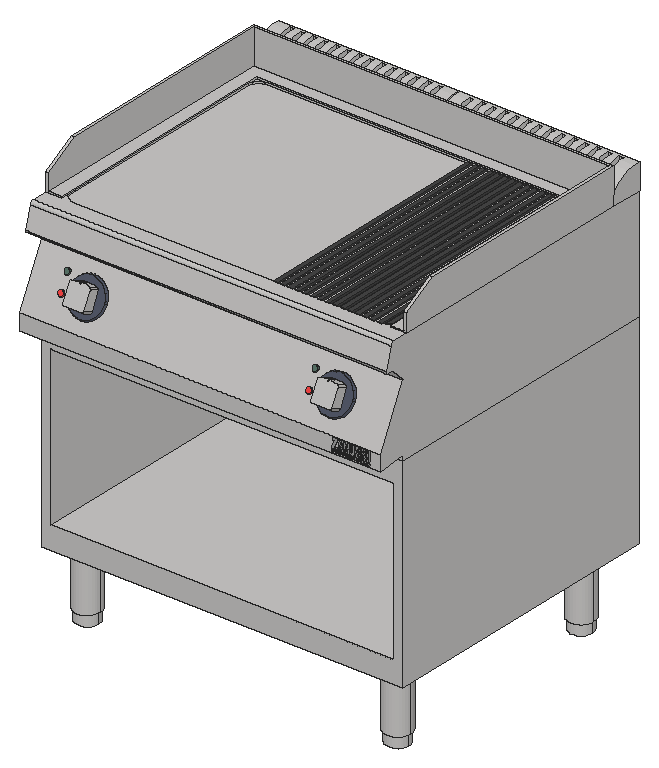
Revit family "QF_ZANUSSI_372345_Z7IIMABLMEA", category Specialty Equipment, Revit 2018 (continued)
Automatic sketch dimensions
  curve 181 to curve 182 = 16.5 mm
  curve 182 to curve 183 = 16.5 mm
  curve 183 to curve 184 = 16.5 mm
  curve 184 to curve 185 = 16.5 mm
  curve 185 to curve 186 = 16.475 mm
  curve 186 to curve 187 = 16.5 mm
  curve 188 to plane 18 = 8.425 mm
  plane 18 to curve 189 = 8.286 mm
  curve 149 to curve 184 = 18.876 mm
  curve 184 to curve 185 = 0 mm
  plane 11 to curve 188 = 47 mm
  plane 11 to curve 179 = 47 mm
  curve 174 to curve 176 = 0 mm  (x2)
  curve 176 to curve 177 = 0 mm  (x2)
  curve 187 to curve 188 = 0 mm  (x2)
  curve 185 to curve 186 = 0 mm  (x2)
  curve 179 to curve 180 = 0 mm
  curve 183 to curve 184 = 0 mm  (x2)
  curve 177 to curve 178 = 0 mm
  curve 182 to curve 183 = 0 mm  (x2)
  curve 175 to curve 176 = 0 mm  (x2)
  curve 180 to curve 181 = 0 mm  (x2)
  curve 188 to curve 189 = 6.271 mm
  curve 189 to plane 12 = 36.482 mm
  curve 174 to curve 122 = 40.974 mm
  curve 183 to curve 98 = 40.974 mm
  curve 181 to curve 183 = 0 mm
  curve 176 to curve 178 = 0 mm
  curve 186 to curve 90 = 40.974 mm
  curve 178 to curve 179 = 0 mm
  curve 189 to curve 188 = 6.271 mm
  radius of Blend 11 sketch curve = 42.5 mm
  radius of Blend 11 sketch curve = 40.5 mm
  radius of Extrusion 14 sketch curve = 6 mm
  radius of Split face 1 sketch curve = 1.5 mm
  radius of Split face 2 sketch curve = 1.5 mm
  radius of Split face 3 sketch curve = 1.5 mm
  radius of Split face 4 sketch curve = 1.5 mm
  radius of Split face 5 sketch curve = 1.5 mm
  radius of Split face 6 sketch curve = 1.5 mm
  radius of Split face 7 sketch curve = 1.5 mm
  radius of Split face 8 sketch curve = 1.5 mm
  radius of Split face 9 sketch curve = 1.5 mm
  radius of Extrusion 16 sketch curve = 6 mm
  radius of Blend 17 sketch curve = 42.5 mm
  radius of Blend 17 sketch curve = 40.5 mm
  radius of Extrusion 20 sketch curve = 6 mm
  radius of Split face 10 sketch curve = 1.5 mm
  radius of Split face 11 sketch curve = 1.5 mm
  radius of Split face 12 sketch curve = 1.5 mm
  radius of Split face 13 sketch curve = 1.5 mm
  radius of Split face 14 sketch curve = 1.5 mm
  radius of Split face 15 sketch curve = 1.5 mm
  radius of Split face 16 sketch curve = 1.5 mm
  radius of Split face 17 sketch curve = 1.5 mm
  radius of Split face 18 sketch curve = 1.5 mm
  radius of Extrusion 22 sketch curve = 6 mm
  radius of Extrusion 25 sketch curve = 10 mm
Nested families
  nested 1: "Foot H200" at (56, -91, 0), type "Foot H200"
  nested 2: "Foot H200" at (744, -91, 0) x (-1, 0, 0) z (0, 0, 1), type "Foot H200"
  nested 3: "Foot H200" at (56, -600, 0), type "Foot H200"
  nested 4: "Foot H200" at (744, -600, 0) x (-1, 0, 0) z (0, 0, 1), type "Foot H200"
  nested 5: "ZAN_Logo_S_Grey_Professional" at (733.976, -716, 629.115) x (1, 0, 0) z (0, -1, 0), type "ZAN_Logo_S_Grey_Professional"
Connectors
  piping at (748, -506, 139), diameter 20
    settings: on Extrusion 25, index 1, connector inside diameter 24", connector length 0 mm, flow factor 0, pipe flow 0 GPM, pressure drop 0.00 psi, fitting loss kfactor 0, connector angle 0.00°, fixture units 0, engagement length 0 mm, angle of deflection 0.00°, flow configuration 0, flow direction 0, fitting loss method 0, system type 22, joint type 0, gender type 0, connector reference index -1, connector utility 0, adjustable connector no, is connector primary yes, connector description "Gas"
Definition of nested family "Foot H200"
  Reference planes
    plane 1 "Centro (Fronte/Retro)": y = 0
    plane 2: z = 0
    plane 3 "Centro (Sinistra/Destra)": x = 0
    plane 4: z = 149
  Forms (mm)
    Revolve 1, solid
      sketch origin (255.05, 0, 608.09) x (0, 0, 1) y (-1, 0, 0)
        loop
          line (-608.09, 255.05) -> (-608.09, 230.05) -> (-583.09, 230.05) -> (-583.09, 226.05) -> (-459.09, 226.05) -> (-459.09, 255.05) -> (-608.09, 255.05)
        axis (-608.09, 255.05) -> (-459.09, 255.05)
      angle from 0 to 360
  Dimensions and locks
    Revolve 1 sketch curve to Revolve 1 sketch curve = 124 mm
    plane 4 to level = 149 mm
    aligned and locked: level to plane 2
    aligned and locked: plane 4 to Revolve 1 sketch curve
    aligned and locked: Revolve 1 sketch curve to level
    aligned and locked: plane 3 "Centro (Sinistra/Destra)" to Revolve 1 sketch curve
Definition of nested family "ZAN_Logo_S_Grey_Professional"
  Parameters (values of type "ZAN_Logo_S_Grey_Professional")
    Default Elevation = 0 mm
    Materiale = none
  Reference planes
    plane 1 "Centro (Fronte/Retro)": y = 0
    plane 2: z = 0
    plane 3 "Centro (Sinistra/Destra)": x = 0
  Forms (mm)
    Extrusion 1, solid
      sketch origin (0, 0, 0) x (1, 0, 0) y (0, 1, 0)
        loop
          line (-1219.2, 1219.2) -> (-1219.2, -1219.2) -> (1219.2, -1219.2) -> (1219.2, 1219.2) -> (-1219.2, 1219.2)
      from 0 to -304.8
    Extrusion 2, solid, material <- "Materiale"
      sketch origin (17.793, -46.218, 0) x (-1, 0, 0) y (0, -1, 0)
        loop
          spline (-1.644, -54.786) -> (-1.034, -55.008) -> (-0.403, -55.173) -> (0.241, -55.279) -> (0.893, -55.327) -> (1.547, -55.314) -> (2.197, -55.242) -> (2.836, -55.109) -> (3.458, -54.916) -> (4.058, -54.662) -> (4.629, -54.345) -> (5.165, -53.967) -> (5.66, -53.526)
          spline (5.66, -53.526) -> (5.954, -53.066) -> (6.206, -52.57) -> (6.417, -52.047) -> (6.588, -51.502) -> (6.718, -50.944) -> (6.809, -50.378) -> (6.86, -49.813) -> (6.872, -49.254) -> (6.846, -48.71) -> (6.782, -48.186) -> (6.68, -47.691) -> (6.541, -47.23)
          line (6.541, -47.23) -> (4.526, -44.334) -> (2.386, -42.445)
          spline (2.386, -42.445) -> (2.16, -42.258) -> (1.927, -42.074) -> (1.689, -41.89) -> (1.448, -41.703) -> (1.207, -41.512) -> (0.969, -41.312) -> (0.736, -41.101) -> (0.511, -40.878) -> (0.296, -40.639) -> (0.095, -40.381) -> (-0.091, -40.103) -> (-0.259, -39.8)
          spline (-0.259, -39.8) -> (-0.29, -39.607) -> (-0.318, -39.405) -> (-0.339, -39.197) -> (-0.352, -38.984) -> (-0.352, -38.771) -> (-0.337, -38.557) -> (-0.304, -38.346) -> (-0.249, -38.14) -> (-0.17, -37.941) -> (-0.063, -37.751) -> (0.074, -37.573) -> (0.245, -37.408)
          line (0.245, -37.408) -> (1.882, -37.282)
          spline (1.882, -37.282) -> (2.188, -37.491) -> (2.42, -37.736) -> (2.586, -38.012) -> (2.698, -38.313) -> (2.765, -38.633) -> (2.795, -38.966) -> (2.799, -39.308) -> (2.787, -39.651) -> (2.767, -39.991) -> (2.751, -40.322) -> (2.746, -40.638) -> (2.763, -40.934)
          line (2.763, -40.934) -> (7.171, -40.934)
          spline (7.171, -40.934) -> (7.223, -40.399) -> (7.252, -39.866) -> (7.257, -39.336) -> (7.236, -38.812) -> (7.187, -38.295) -> (7.108, -37.786) -> (6.997, -37.288) -> (6.854, -36.802) -> (6.675, -36.33) -> (6.46, -35.874) -> (6.206, -35.435) -> (5.912, -35.015)
          spline (5.912, -35.015) -> (5.55, -34.687) -> (5.16, -34.396) -> (4.745, -34.14) -> (4.307, -33.92) -> (3.85, -33.734) -> (3.377, -33.583) -> (2.891, -33.466) -> (2.395, -33.383) -> (1.892, -33.333) -> (1.385, -33.316) -> (0.877, -33.331) -> (0.371, -33.378)
          spline (0.371, -33.378) -> (-0.163, -33.462) -> (-0.693, -33.587) -> (-1.213, -33.752) -> (-1.718, -33.957) -> (-2.205, -34.2) -> (-2.667, -34.48) -> (-3.1, -34.798) -> (-3.5, -35.151) -> (-3.861, -35.539) -> (-4.179, -35.961) -> (-4.449, -36.417) -> (-4.666, -36.904)
          spline (-4.666, -36.904) -> (-4.8, -37.505) -> (-4.888, -38.107) -> (-4.93, -38.709) -> (-4.927, -39.306) -> (-4.881, -39.897) -> (-4.792, -40.477) -> (-4.661, -41.045) -> (-4.489, -41.596) -> (-4.276, -42.128) -> (-4.025, -42.638) -> (-3.735, -43.122) -> (-3.407, -43.578)
          line (-3.407, -43.578) -> (1.63, -48.112) -> (2.26, -48.867)
          spline (2.26, -48.867) -> (2.325, -49.027) -> (2.392, -49.191) -> (2.459, -49.359) -> (2.521, -49.529) -> (2.576, -49.702) -> (2.622, -49.874) -> (2.654, -50.047) -> (2.67, -50.22) -> (2.667, -50.39) -> (2.642, -50.558) -> (2.591, -50.722) -> (2.512, -50.882)
          spline (2.512, -50.882) -> (2.439, -51.029) -> (2.347, -51.157) -> (2.24, -51.266) -> (2.12, -51.358) -> (1.989, -51.434) -> (1.851, -51.496) -> (1.707, -51.545) -> (1.56, -51.582) -> (1.414, -51.608) -> (1.27, -51.625) -> (1.131, -51.635) -> (1.001, -51.638)
          line (1.001, -51.638) -> (-0.259, -50.756) -> (-0.385, -48.112) -> (-4.54, -48.112)
          spline (-4.54, -48.112) -> (-4.545, -48.463) -> (-4.556, -48.822) -> (-4.572, -49.188) -> (-4.587, -49.557) -> (-4.598, -49.929) -> (-4.603, -50.3) -> (-4.597, -50.668) -> (-4.577, -51.031) -> (-4.54, -51.388) -> (-4.482, -51.735) -> (-4.399, -52.071) -> (-4.288, -52.393)
          spline (-4.288, -52.393) -> (-4.176, -52.644) -> (-4.031, -52.894) -> (-3.857, -53.139) -> (-3.659, -53.377) -> (-3.439, -53.607) -> (-3.202, -53.825) -> (-2.952, -54.031) -> (-2.693, -54.221) -> (-2.429, -54.394) -> (-2.163, -54.547) -> (-1.9, -54.678) -> (-1.644, -54.786)
        loop
          spline (-16.755, -52.519) -> (-16.407, -53.083) -> (-15.998, -53.58) -> (-15.535, -54.012) -> (-15.024, -54.38) -> (-14.474, -54.684) -> (-13.89, -54.927) -> (-13.28, -55.11) -> (-12.651, -55.233) -> (-12.009, -55.299) -> (-11.362, -55.308) -> (-10.717, -55.263) -> (-10.081, -55.163)
          spline (-10.081, -55.163) -> (-9.638, -55.08) -> (-9.196, -54.956) -> (-8.761, -54.793) -> (-8.336, -54.594) -> (-7.93, -54.36) -> (-7.547, -54.093) -> (-7.192, -53.794) -> (-6.872, -53.466) -> (-6.592, -53.109) -> (-6.358, -52.726) -> (-6.176, -52.319) -> (-6.051, -51.889)
          spline (-6.051, -51.889) -> (-5.857, -51.316) -> (-5.715, -50.731) -> (-5.626, -50.14) -> (-5.589, -49.548) -> (-5.605, -48.959) -> (-5.673, -48.379) -> (-5.794, -47.812) -> (-5.967, -47.263) -> (-6.193, -46.736) -> (-6.471, -46.237) -> (-6.802, -45.771) -> (-7.185, -45.341)
          line (-7.185, -45.341) -> (-11.844, -41.186) -> (-12.851, -39.675)
          spline (-12.851, -39.675) -> (-12.882, -39.483) -> (-12.91, -39.288) -> (-12.934, -39.09) -> (-12.949, -38.891) -> (-12.954, -38.692) -> (-12.946, -38.494) -> (-12.921, -38.299) -> (-12.879, -38.108) -> (-12.816, -37.922) -> (-12.729, -37.742) -> (-12.615, -37.57) -> (-12.473, -37.408)
          line (-12.473, -37.408) -> (-11.214, -37.156)
          spline (-11.214, -37.156) -> (-10.768, -37.262) -> (-10.429, -37.445) -> (-10.183, -37.695) -> (-10.015, -38) -> (-9.912, -38.349) -> (-9.86, -38.73) -> (-9.845, -39.132) -> (-9.852, -39.544) -> (-9.868, -39.954) -> (-9.879, -40.351) -> (-9.871, -40.723) -> (-9.829, -41.06)
          line (-9.829, -41.06) -> (-5.422, -40.934)
          spline (-5.422, -40.934) -> (-5.367, -40.392) -> (-5.333, -39.839) -> (-5.323, -39.279) -> (-5.342, -38.719) -> (-5.395, -38.162) -> (-5.485, -37.613) -> (-5.616, -37.077) -> (-5.795, -36.559) -> (-6.024, -36.064) -> (-6.308, -35.597) -> (-6.651, -35.162) -> (-7.059, -34.764)
          spline (-7.059, -34.764) -> (-7.58, -34.383) -> (-8.132, -34.06) -> (-8.711, -33.794) -> (-9.311, -33.584) -> (-9.927, -33.43) -> (-10.553, -33.331) -> (-11.184, -33.288) -> (-11.816, -33.299) -> (-12.442, -33.365) -> (-13.057, -33.484) -> (-13.657, -33.657) -> (-14.236, -33.882)
          spline (-14.236, -33.882) -> (-14.49, -33.99) -> (-14.747, -34.121) -> (-15.006, -34.276) -> (-15.262, -34.451) -> (-15.515, -34.646) -> (-15.763, -34.858) -> (-16.003, -35.086) -> (-16.232, -35.328) -> (-16.45, -35.582) -> (-16.653, -35.847) -> (-16.839, -36.12) -> (-17.007, -36.401)
          spline (-17.007, -36.401) -> (-17.229, -37.006) -> (-17.395, -37.624) -> (-17.502, -38.25) -> (-17.552, -38.882) -> (-17.544, -39.515) -> (-17.479, -40.147) -> (-17.355, -40.773) -> (-17.174, -41.391) -> (-16.936, -41.996) -> (-16.639, -42.586) -> (-16.285, -43.157) -> (-15.873, -43.704)
          line (-15.873, -43.704) -> (-10.584, -48.489) -> (-9.955, -50.126) -> (-10.459, -51.386) -> (-11.592, -51.638) -> (-12.851, -50.756) -> (-12.977, -48.238) -> (-17.258, -48.112)
          spline (-17.258, -48.112) -> (-17.236, -48.492) -> (-17.23, -48.875) -> (-17.233, -49.261) -> (-17.24, -49.646) -> (-17.245, -50.03) -> (-17.243, -50.41) -> (-17.227, -50.785) -> (-17.193, -51.152) -> (-17.134, -51.512) -> (-17.046, -51.86) -> (-16.921, -52.196) -> (-16.755, -52.519)
        loop
          line (-18.014, -33.378) -> (-22.421, -33.378) -> (-22.421, -54.911) -> (-18.014, -54.911) -> (-18.014, -33.378)
        loop
          line (14.852, -38.541) -> (14.852, -54.911) -> (19.259, -54.911) -> (19.259, -40.43) -> (19.008, -36.904) -> (18.63, -36.023) -> (17.748, -34.89) -> (16.867, -34.26) -> (15.104, -33.504) -> (14.223, -33.378) -> (12.208, -33.378) -> (11.2, -33.63) -> (9.689, -34.512) -> (7.926, -37.03) -> (7.8, -37.912) -> (7.8, -54.911) -> (12.208, -54.911) -> (12.208, -38.919) -> (12.711, -37.786) -> (14.097, -37.66) -> (14.852, -38.541)
        loop
          line (20.267, -54.911) -> (24.296, -54.911) -> (24.296, -41.186) -> (27.948, -54.911) -> (32.607, -54.911) -> (32.607, -33.378) -> (28.704, -33.378) -> (28.704, -47.608) -> (25.052, -33.378) -> (20.267, -33.378) -> (20.267, -54.911)
        loop
          line (47.089, -54.911) -> (58.044, -54.911) -> (58.044, -50.882) -> (52.251, -51.008) -> (58.548, -37.786) -> (58.548, -33.378) -> (47.089, -33.378) -> (47.089, -37.786) -> (53.698, -37.786) -> (47.089, -51.26) -> (47.089, -54.911)
        loop
          line (36.889, -54.911) -> (42.933, -54.911) -> (46.837, -33.378) -> (42.303, -33.378) -> (41.674, -37.534) -> (38.022, -37.534) -> (37.392, -33.378) -> (32.859, -33.378) -> (36.889, -54.911)
        loop
          line (41.17, -41.438) -> (38.652, -41.438) -> (39.911, -51.231) -> (41.17, -41.438)
        loop
          line (57.627, -27.599) -> (56.511, -27.599)
          arc (56.511, -27.599) -> (55.334, -29.219) -> (56.822, -30.559) r 1.496
          line (56.822, -30.559) -> (58.548, -30.559) -> (58.548, -26.082) -> (57.627, -26.082) -> (57.627, -27.599)
        loop
          line (57.627, -29.713) -> (57.627, -28.464) -> (56.699, -28.464)
          arc (56.699, -28.464) -> (56.24, -29.089) -> (56.699, -29.713) r 0.654
          line (56.699, -29.713) -> (57.627, -29.713)
        loop
          line (50.633, -27.625) -> (49.682, -27.625) -> (48.755, -26.082) -> (47.711, -26.082) -> (48.871, -27.993)
          arc (48.871, -27.993) -> (48.433, -29.601) -> (49.798, -30.559) r 1.45
          line (49.798, -30.559) -> (51.553, -30.559) -> (51.553, -26.082) -> (50.633, -26.082) -> (50.633, -27.625)
        loop
          line (50.633, -29.713) -> (50.633, -28.464) -> (49.705, -28.464)
          arc (49.705, -28.464) -> (49.245, -29.089) -> (49.705, -29.713) r 0.654
          line (49.705, -29.713) -> (50.633, -29.713)
        loop
          line (36.111, -26.082) -> (35.19, -26.082) -> (35.19, -27.797) -> (33.505, -27.797) -> (33.505, -28.718) -> (35.19, -28.718) -> (35.19, -29.639) -> (33.344, -29.639) -> (33.344, -30.559) -> (36.111, -30.559) -> (36.111, -26.082)
        loop
          line (29.546, -26.082) -> (26.666, -26.082) -> (26.666, -27.002) -> (28.626, -27.002) -> (28.626, -27.797) -> (26.835, -27.797) -> (26.835, -28.718) -> (28.626, -28.718) -> (28.626, -29.639) -> (26.71, -29.639) -> (26.71, -30.559) -> (29.546, -30.559) -> (29.546, -26.082)
        loop
          line (9.21, -26.082) -> (8.289, -26.082) -> (8.289, -30.559) -> (9.21, -30.559) -> (9.21, -26.082)
        loop
          line (-5.024, -26.082) -> (-5.024, -28.898) -> (-7.072, -26.082) -> (-7.993, -26.082) -> (-7.993, -30.559) -> (-7.037, -30.559) -> (-7.037, -27.659) -> (-4.989, -30.559) -> (-4.069, -30.559) -> (-4.069, -26.082) -> (-5.024, -26.082)
        loop
          line (-11.621, -26.082) -> (-12.61, -26.082) -> (-13.045, -27.048) -> (-14.702, -27.048) -> (-15.137, -26.082) -> (-16.125, -26.082) -> (-14.375, -30.558) -> (-13.454, -30.558) -> (-11.621, -26.082)
        loop
          line (-19.779, -26.082) -> (-22.421, -26.082) -> (-22.421, -27.002) -> (-20.7, -27.002) -> (-20.7, -30.559) -> (-19.779, -30.559) -> (-19.779, -26.082)
        loop
          line (-13.875, -29.102) -> (-13.395, -27.931) -> (-14.333, -27.931) -> (-13.875, -29.102)
        loop
          circle (2.094, -28.293) r 1.482
        loop
          circle (2.094, -28.293) r 2.376
        loop
          arc (16.413, -27.085) -> (15.386, -26.141) -> (13.991, -26.107) r 1.985
          arc (13.991, -26.107) -> (13.047, -26.998) -> (13.375, -28.254) r 1.274
          arc (13.375, -28.254) -> (14.04, -28.662) -> (14.749, -28.985) r 6.355
          arc (14.749, -28.985) -> (15.14, -29.579) -> (14.494, -29.876) r 0.469
          arc (14.494, -29.876) -> (14.107, -29.64) -> (13.784, -29.321) r 1.958
          line (13.784, -29.321) -> (12.995, -29.795)
          arc (12.995, -29.795) -> (13.493, -30.326) -> (14.109, -30.712) r 2.834
          arc (14.109, -30.712) -> (16.031, -29.813) -> (14.826, -28.067) r 1.389
          spline (14.826, -28.067) -> (14.485, -27.906) -> (14.237, -27.756) -> (14.069, -27.617) -> (13.971, -27.49) -> (13.931, -27.375) -> (13.937, -27.273) -> (13.977, -27.185) -> (14.041, -27.112) -> (14.116, -27.053) -> (14.191, -27.011) -> (14.254, -26.985) -> (14.293, -26.976)
          arc (14.293, -26.976) -> (15.035, -26.992) -> (15.586, -27.489) r 1.064
          line (15.586, -27.489) -> (16.413, -27.085)
        loop
          arc (23.156, -27.085) -> (22.129, -26.141) -> (20.734, -26.107) r 1.985
          arc (20.734, -26.107) -> (19.79, -26.998) -> (20.118, -28.254) r 1.274
          arc (20.118, -28.254) -> (20.783, -28.662) -> (21.492, -28.985) r 6.355
          arc (21.492, -28.985) -> (21.883, -29.579) -> (21.237, -29.876) r 0.469
          arc (21.237, -29.876) -> (20.849, -29.64) -> (20.527, -29.321) r 1.958
          line (20.527, -29.321) -> (19.738, -29.795)
          arc (19.738, -29.795) -> (20.236, -30.326) -> (20.852, -30.712) r 2.834
          arc (20.852, -30.712) -> (22.774, -29.813) -> (21.568, -28.067) r 1.389
          spline (21.568, -28.067) -> (21.228, -27.906) -> (20.979, -27.756) -> (20.812, -27.617) -> (20.714, -27.49) -> (20.674, -27.375) -> (20.68, -27.273) -> (20.72, -27.185) -> (20.784, -27.112) -> (20.859, -27.053) -> (20.933, -27.011) -> (20.996, -26.985) -> (21.036, -26.976)
          arc (21.036, -26.976) -> (21.778, -26.992) -> (22.329, -27.489) r 1.064
          line (22.329, -27.489) -> (23.156, -27.085)
        loop
          circle (42.369, -28.293) r 1.482
        loop
          circle (42.369, -28.293) r 2.376
      from 0 to 1.644
  Dimensions and locks
    aligned and locked: plane 2 to Extrusion 1
    aligned and locked: level to Extrusion 1
